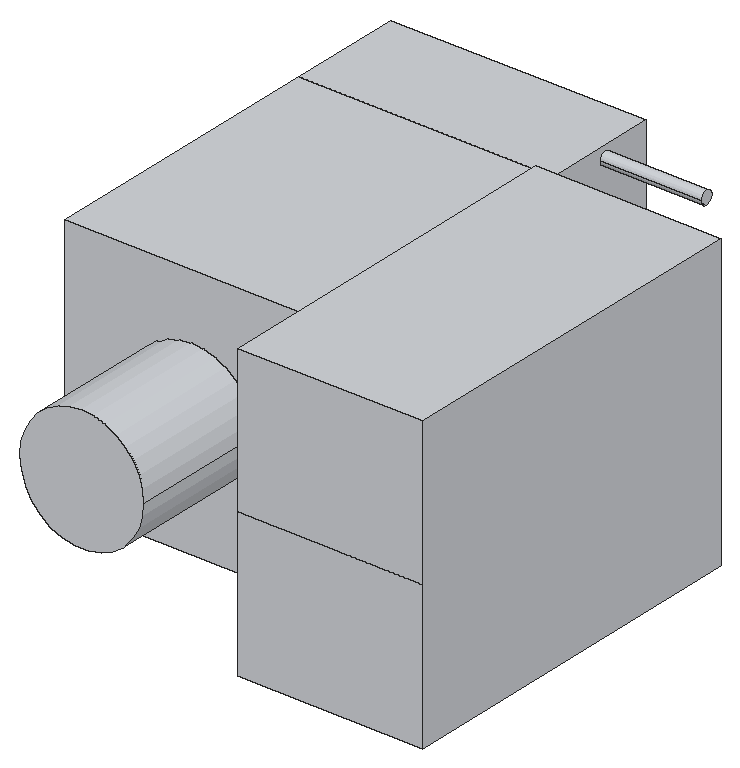
Revit family
Parameters (values of type "Inlet Size 05 with 1 Row Hot Water Coil")
  Width = 10"
  URL = "http://www.anemostat.com"
  Radius = Diameter / 2  # 2 7/16"
  Model = "EZTS With Hot Water Coil"
  Manufacturer = "Anemostat"
  Length = 12 1/2"
  Height = 10"
  HWC Depth "A" = 4 1/2"
  HWC Conn Radius = HWC Conn Diameter / 2  # 1/4"
  HWC Conn Diameter = 1/2"
  HWC Conn "E" = 1 1/16"
  HWC Conn "D" = 7/16"
  HWC Conn "C" = 2"
  HWC Conn "B" = 2"
  Duct Inlet = Radius + 1/32"  # 2 15/32"
  Duct Discharge Width = Width - 1 1/4"  # 8 3/4"
  Duct Discharge Height = Height - 1 1/4"  # 8 3/4"
  Diameter = 4 7/8"
  Control Enclosure [instance] = yes
Types (19): name | Width | Radius | Length | Height | HWC Depth "A" | HWC Conn Radius | HWC Conn Diameter | HWC Conn "E" | HWC Conn "D" | HWC Conn "C" | HWC Conn "B" | Duct Inlet | Duct Discharge Width | Duct Discharge Height | Diameter
  (no name) | 10" | 2 7/16" | 12 1/2" | 10" | 4 1/2" | 1/4" | 1/2" | 1 1/16" | 7/16" | 2" | 2" | 2 15/32" | 8 3/4" | 8 3/4" | 4 7/8"
  Inlet Size 05 with 1 Row Hot Water Coil | 10" | 2 7/16" | 12 1/2" | 10" | 4 1/2" | 1/4" | 1/2" | 1 1/16" | 7/16" | 2" | 2" | 2 15/32" | 8 3/4" | 8 3/4" | 4 7/8"
  Inlet Size 06 with 1 Row Hot Water Coil | 10" | 2 15/16" | 12 1/2" | 10" | 4 1/2" | 1/4" | 1/2" | 1 1/16" | 7/16" | 2" | 2" | 2 31/32" | 8 3/4" | 8 3/4" | 5 7/8"
  Inlet Size 07 with 1 Row Hot Water Coil | 12" | 3 7/16" | 12 1/2" | 10" | 4 1/2" | 1/4" | 1/2" | 1 1/16" | 7/16" | 2" | 2" | 3 15/32" | 10 3/4" | 8 3/4" | 6 7/8"
  Inlet Size 08 with 1 Row Hot Water Coil | 12" | 3 15/16" | 12 1/2" | 10" | 4 1/2" | 1/4" | 1/2" | 1 1/16" | 7/16" | 2" | 2" | 3 31/32" | 10 3/4" | 8 3/4" | 7 7/8"
  Inlet Size 09 with 1 Row Hot Water Coil | 14" | 4 7/16" | 14 1/2" | 12 1/2" | 4 1/2" | 1/4" | 1/2" | 1 1/16" | 7/16" | 2" | 2" | 4 15/32" | 12 3/4" | 11 1/4" | 8 7/8"
  Inlet Size 10 with 1 Row Hot Water Coil | 14" | 4 15/16" | 14 1/2" | 12 1/2" | 4 1/2" | 1/4" | 1/2" | 1 1/16" | 7/16" | 2" | 2" | 4 31/32" | 12 3/4" | 11 1/4" | 9 7/8"
  Inlet Size 12 with 1 Row Hot Water Coil | 16" | 5 15/16" | 18 1/2" | 15" | 4 1/2" | 7/16" | 7/8" | 1 37/64" | 15/16" | 1 39/64" | 3 3/8" | 5 31/32" | 14 3/4" | 13 3/4" | 11 7/8"
  Inlet Size 14 with 1 Row Hot Water Coil | 20" | 6 15/16" | 18 1/2" | 17 1/2" | 4 1/2" | 7/16" | 7/8" | 1 37/64" | 15/16" | 1 5/8" | 3 25/64" | 6 31/32" | 18 3/4" | 16 1/4" | 13 7/8"
  Inlet Size 16 with 1 Row Hot Water Coil | 24" | 7 15/16" | 18 1/2" | 17 1/2" | 4 1/2" | 7/16" | 7/8" | 1 37/64" | 15/16" | 1 39/64" | 3 3/8" | 7 31/32" | 22 3/4" | 16 1/4" | 15 7/8"
  Inlet Size 05 with 2 Row Hot Water Coil | 10" | 2 7/16" | 12 1/2" | 10" | 5 9/16" | 1/4" | 1/2" | 7/16" | 7/16" | 2 31/64" | 3 9/16" | 2 15/32" | 8 3/4" | 8 3/4" | 4 7/8"
  Inlet Size 06 with 2 Row Hot Water Coil | 10" | 2 15/16" | 12 1/2" | 10" | 5 9/16" | 1/4" | 1/2" | 7/16" | 7/16" | 2 31/64" | 3 9/16" | 2 31/32" | 8 3/4" | 8 3/4" | 5 7/8"
  Inlet Size 07 with 2 Row Hot Water Coil | 12" | 3 7/16" | 12 1/2" | 10" | 5 9/16" | 1/4" | 1/2" | 7/16" | 7/16" | 2 31/64" | 3 9/16" | 3 15/32" | 10 3/4" | 8 3/4" | 6 7/8"
  Inlet Size 08 with 2 Row Hot Water Coil | 12" | 3 15/16" | 12 1/2" | 10" | 5 9/16" | 1/4" | 1/2" | 7/16" | 7/16" | 2 31/64" | 3 9/16" | 3 31/32" | 10 3/4" | 8 3/4" | 7 7/8"
  Inlet Size 09 with 2 Row Hot Water Coil | 14" | 4 7/16" | 14 1/2" | 12 1/2" | 5 9/16" | 1/4" | 1/2" | 7/16" | 7/16" | 2 31/64" | 3 9/16" | 4 15/32" | 12 3/4" | 11 1/4" | 8 7/8"
  Inlet Size 10 with 2 Row Hot Water Coil | 14" | 4 15/16" | 14 1/2" | 12 1/2" | 5 9/16" | 1/4" | 1/2" | 7/16" | 7/16" | 2 31/64" | 3 9/16" | 4 31/32" | 12 3/4" | 11 1/4" | 9 7/8"
  Inlet Size 12 with 2 Row Hot Water Coil | 16" | 5 15/16" | 18 1/2" | 15" | 5 9/16" | 1/4" | 1/2" | 7/16" | 7/16" | 2 31/64" | 3 9/16" | 5 31/32" | 14 3/4" | 13 3/4" | 11 7/8"
  Inlet Size 14 with 2 Row Hot Water Coil | 20" | 6 15/16" | 18 1/2" | 17 1/2" | 5 9/16" | 7/16" | 7/8" | 15/16" | 15/16" | 2 31/64" | 3 9/16" | 6 31/32" | 18 3/4" | 16 1/4" | 13 7/8"
  Inlet Size 16 with 2 Row Hot Water Coil | 24" | 7 15/16" | 18 1/2" | 17 1/2" | 5 9/16" | 7/16" | 7/8" | 15/16" | 15/16" | 2 31/64" | 3 9/16" | 7 31/32" | 22 3/4" | 16 1/4" | 15 7/8"
Reference planes (in)
  plane 1 "Center (Front/Back)": y = 0
  plane 2: z = 0
  plane 3 "Center (Left/Right)": x = 0
  plane 4 "Right Face": x = 5
  plane 5 "Left Face": x = -5
  plane 6 "Left Slip & Drive": x = -4.375
  plane 7 "Right Slip & Drive": x = 4.375
  plane 8 "Back of Box": y = 11.5
  plane 9 "Inlet": y = -5.375
  plane 10 "Horiz. Centerline": z = 5
  plane 11 "Top of Box": z = 10
  plane 12: y = 16
  plane 13: z = 9.5625
  plane 14: z = 1.0625
  plane 15: y = 14
  plane 16: y = 14
  plane 17: y = -4
Forms (in)
  Extrusion 1, solid
    sketch origin (0, 0, 0) x (1, 0, 0) y (0, 1, 0)
      loop
        line (5, 0) -> (5, 11.5) -> (-5, 11.5) -> (-5, 0) -> (5, 0)
    from 0 to 10
  Extrusion 2, solid
    sketch origin (0, 0, 0) x (1, 0, 0) y (0, 0, 1)
      loop
        circle (0, 5) r 2.4375
    from 0 to 5.375
  Extrusion 3, solid
    sketch origin (0, 11.5, 0) x (-1, 0, 0) y (0, 0, 1)
      loop
        line (-5, 10) -> (-5, 0) -> (5, 0) -> (5, 10) -> (-5, 10)
    from 0 to 4.5 <- "HWC Depth "A""
  Extrusion 4, solid
    sketch origin (5, 0, 0) x (0, 1, 0) y (0, 0, 1)
      loop
        circle (14, 9.5625) r 0.25
    from 0 to 4
  Extrusion 5, solid
    sketch origin (5, 0, 0) x (0, 1, 0) y (0, 0, 1)
      loop
        circle (14, 1.0625) r 0.25
    from 0 to 4
  Extrusion 6, solid, visible <- "Control Enclosure"
    sketch origin (5, 0, 0) x (0, 1, 0) y (0, 0, 1)
      loop
        line (-4, 5) -> (-4, -0.75) -> (10.625, -0.75) -> (10.625, 5) -> (10.625, 10.75) -> (-4, 10.75) -> (-4, 5)
    from 0 to 7.25
Dimensions and locks (in)
  locked: plane 5 "Left Face" to plane 6 "Left Slip & Drive" at 0.625
  locked: plane 7 "Right Slip & Drive" to plane 4 "Right Face" at 0.625
  "Width": plane 5 "Left Face" to plane 4 "Right Face"
  locked: plane 1 "Center (Front/Back)" to plane 9 "Inlet" at 5.375
  "Height": plane 11 "Top of Box" to level
  equal spacing: plane 11 "Top of Box", plane 10 "Horiz. Centerline", level
  equal spacing: plane 5 "Left Face", plane 3 "Center (Left/Right)", plane 4 "Right Face"
  "HWC Conn "D"": plane 11 "Top of Box" to plane 13
  "HWC Conn "E"": plane 14 to plane 2
  "HWC Conn "B"": plane 15 to plane 12
  "HWC Conn "C"": plane 16 to plane 12
  "HWC Depth "A"": plane 12 to plane 8 "Back of Box"
  locked: plane 17 to plane 1 "Center (Front/Back)" at 4
  locked: Extrusion 6 sketch curve to plane 10 "Horiz. Centerline" at 5.75  (x2)
  "Radius": radius of Extrusion 2 sketch curve
  "HWC Conn Radius": radius of Extrusion 4 sketch curve
  "HWC Conn Radius": radius of Extrusion 5 sketch curve
  aligned and locked: plane 4 "Right Face" to Extrusion 1 sketch curve
  aligned and locked: Extrusion 1 sketch curve to plane 1 "Center (Front/Back)"
  aligned and locked: plane 8 "Back of Box" to Extrusion 1 sketch curve
  aligned and locked: Extrusion 1 sketch curve to plane 5 "Left Face"
  aligned and locked: Extrusion 1 to plane 2
  aligned and locked: plane 11 "Top of Box" to Extrusion 1
  aligned and locked: Extrusion 2 to plane 9 "Inlet"
  aligned and locked: Extrusion 2 to plane 1 "Center (Front/Back)"
  aligned and locked: Extrusion 1 to Extrusion 3 sketch curve
  aligned and locked: Extrusion 3 sketch curve to Extrusion 1  (x3)
Automatic sketch dimensions
  Extrusion 2 sketch curve to plane 3 "Center (Left/Right)" = 0"
  Extrusion 2 sketch curve to plane 10 "Horiz. Centerline" = 0"
  Extrusion 4 sketch curve to plane 13 = 0"
  Extrusion 4 sketch curve to plane 15 = 0"
  Extrusion 5 sketch curve to plane 14 = 0"
  Extrusion 5 sketch curve to plane 16 = 0"
  Extrusion 6 sketch curve to plane 10 "Horiz. Centerline" = 0"  (x2)
  Extrusion 6 sketch curve to plane 17 = 0"
  Extrusion 6 sketch curve to plane 8 "Back of Box" = 7/8"
Connectors (in)
  hvac at (0, -5.375, 5), driven by "Duct Inlet"
    settings: on Extrusion 2, index 1
  hvac at (0, 16, 5), driven by "Width", driven by "Height"
    settings: on Extrusion 3, index 2
  piping at (9, 14, 9.5625), driven by "HWC Conn Radius"
    settings: on Extrusion 4, index 3
  piping at (9, 14, 1.0625), driven by "HWC Conn Radius"
    settings: on Extrusion 5, index 4
  electrical at (12.25, 3.3125, 5)
    settings: on Extrusion 6, index 5
